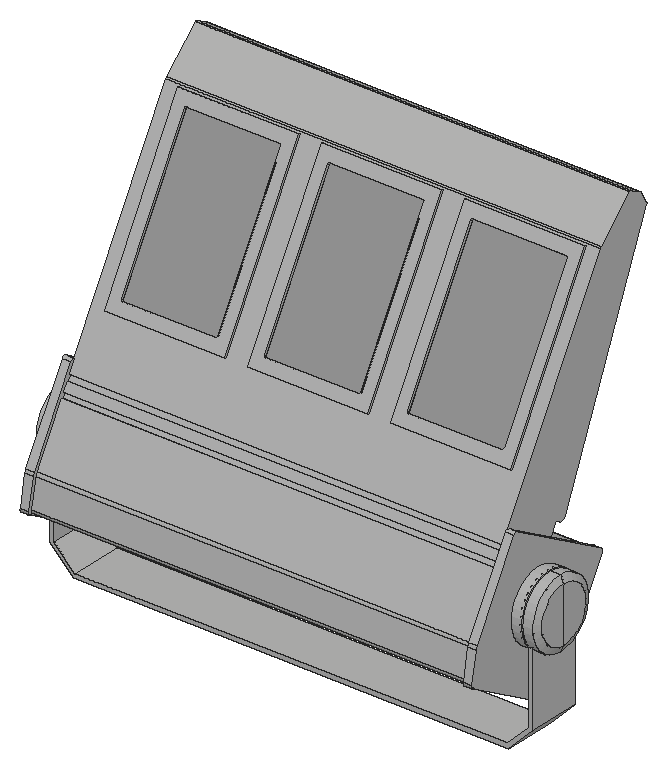
Revit family "0048018 Sylvania Lighting Fixture SYLVEO RGBW IP66", category Lighting Fixtures, host Face, Revit 2016
Family settings
  Host = Face
  Part Type = Normal
  Round Connector Dimension = Use Diameter
  OmniClass Number = 23.80.70.00
  OmniClass Title = Lighting
  Cut with Voids When Loaded = No
  Light Source = No
  Shared = No
  Room Calculation Point = No
Parameters (values of type "0048018 SYLVEO RGBW IP66 170W ASYM SIL")
  WidthCylinder_SYL = if([30/50W_SYL], 13.4 mm, if([100W_SYL], 13.4 mm, 15 mm))  # 15 mm
  WidthBracketIn_SYL = if([30/50W_SYL], 224 mm, if([100W_SYL], 273 mm, 434 mm))  # 434 mm
  Weight = "13.5 kg"
  Wattage Comments = ""
  WarrantyStartDate [instance] = "n/a"
  WarrantyGuarantorParts = "n/a"
  WarrantyDurationUnit = "n/a"
  WarrantyDurationParts = "n/a"
  WarrantyDescription = "n/a"
  Voltage = 0 V
  URL = "http://www.sylvania-lighting.com"
  TypeName = "Sylveo RGBW IP66 170W ASYM SIL"
  Type Image = <None>
  Type Comments = "n/a"
  ThicknessBracket_SYL = if([30/50W_SYL], 2.7 mm, if([100W_SYL], 3.2 mm, 3.8 mm))  # 3.8 mm
  SerialNumber [instance] = "n/a"
  RotationAngle_SYL [instance] = 30.00°
  DiameterCylinder_SYL = if([30/50W_SYL], 49 mm, if([100W_SYL], 52 mm, 62.7 mm))  # 62.7 mm
  ChamferBracket_SYL = if([30/50W_SYL], 15 mm, if([100W_SYL], 18 mm, 22 mm))  # 22 mm
  PowerFactor = 0
  PowerConsumption = "n/a"
  NominalLength = 0 mm
  NominalHeight = 0 mm
  NominalDepth = 0 mm
  Name = "Sylveo RGBW IP66 170W ASYM SIL"
  ModelReference = Name  # "Sylveo RGBW IP66 170W ASYM SIL"
  ModelNumber = "0048018"
  Model = Name  # "Sylveo RGBW IP66 170W ASYM SIL"
  Material = "n/a"
  ManufacturerName = "Feilo Sylvania"
  Manufacturer = "Feilo Sylvania"
  LuminousEfficacy = "48.750 lm/W"
  LuminaireType = ""
  LightOutputRatio = "n/a"
  LampsType = Lamp  # "LED"
  LampNominalLuminous = "n/a"
  LampMacAdamStep = "n/a"
  LampColourTemperature = "n/a"
  LampColourRenderingIndex = "n/a"
  Lamp = "LED"
  Keynote = "16500"
  InstallationDate [instance] = "n/a"
  InputVoltage = "100-240V~"
  InputNominalFrequency = "50/60 Hz"
  IngressProtection = "IP66"
  ImpactProtectionIndex = "IK08"
  IfcExportType = "IfcLightFixtureType"
  IfcExportAs = "IfcLightFixtureType"
  AxisHeightBracket_SYL = if([30/50W_SYL], 98.6 mm, if([100W_SYL], 90 mm, 110 mm))  # 110 mm
  ExpectedLife = 50000
  EndAngle_SYL [instance] = RotationAngle_SYL + 180.00°  # 210.00°
  ElectricShockClassification = "Class I"
  DurationUnit = "hours"
  DocumentationLiterature = "http://www.sylvania-lighting.com/product/en-int/products/0048018"
  DimmingControlOptions = "n/a"
  Description = ""
  DepthBracket_SYL = if([30/50W_SYL], 34 mm, if([100W_SYL], 37.1 mm, 48 mm))  # 48 mm
  Default Elevation = 1219.2 mm
  CreatedOn = "12/21/2018"
  CreatedBy = "@sylvania-lighting.com"
  Cost = 0
  built-in parameter 1114216 [instance] = (empty or 0)
  ClassificationValue = "EF_70_80"
  ClassificationName = "Uniclass2015"
  Material_1_SYL = Body-Sylvania-Sylveo-RAL9006
  BarCode [instance] = "n/a"
  AssetType = "Fixed"
  AssetIdentifier [instance] = "n/a"
  Assembly Code = "D5020200"
  Apparent Load = 169.9 VA
  100W_SYL = no
  30/50W_SYL = no
Reference planes
  plane 1 "Center (Front/Back)": y = 0
  plane 2: z = 0
  plane 3 "Center (Left/Right)": x = 0
  plane 4: x = -220.8
  plane 5: x = 220.8
  plane 6: z = 110
  plane 7: x = -217
  plane 8: x = 217
  plane 9: z = 3.8
  plane 10: y = 24
  plane 11: y = -24
  plane 12: x = -198.8
  plane 13: z = 22
  plane 14: x = 198.8
  plane 15: x = -215
  plane 16: x = 215
  plane 17: x = -230
  plane 18: x = 230
  plane 19: z = 141.35
  plane 20: z = 78.65
  plane 21: x = -227
  plane 22: z = 84.65
  plane 23: z = 135.35
  plane 24: x = 227
Forms (mm)
  Revolve 1, solid, not visible
    sketch origin (0, 0, 0) x (1, 0, 0) y (0, 0, 1)
      loop
        line (0, 110) -> (0, 127) -> (-12.336, 127) -> (-12.336, 110) -> (0, 110)
      axis (0, 110) -> (-12.336, 110)
    angle from 30 <- "RotationAngle_SYL" to 210 <- "EndAngle_SYL"
  Extrusion 2, solid, material "Body-Sylvania-Sylveo-RAL9006" <- "Material_1_SYL"
    sketch origin (0, 0, 0) x (1, 0, 0) y (0, 0, 1)
      loop
        line (-220.8, 110) -> (-220.8, 22) -> (-198.8, 0) -> (198.8, 0) -> (220.8, 22) -> (220.8, 110) -> (217, 110) -> (217, 23.118) -> (197.682, 3.8) -> (-197.682, 3.8) -> (-217, 23.118) -> (-217, 110) -> (-220.8, 110)
    from -24 to 24
  Revolve 3, solid, material "Body-Sylvania-Sylveo-RAL9006" <- "Material_1_SYL"
    sketch origin (0, 0, 0) x (1, 0, 0) y (0, 0, 1)
      loop
        line (-230, 110) -> (-215, 110) -> (-215, 141.35) -> (-227, 141.35) -> (-230, 135.35) -> (-230, 110)
      loop
        line (230, 110) -> (230, 135.35) -> (227, 141.35) -> (215, 141.35) -> (215, 110) -> (230, 110)
      axis (230, 110) -> (-230, 110)
    angle from 360 to 0
Lines and regions (mm)
  reference lines
    curve 1: line (-198.8, 0, 0) -> (-220.8, 0, 22)
    curve 2: line (-217, 0, 23.574) -> (-197.226, 0, 3.8)
    curve 3: line (220.8, 0, 22) -> (198.8, 0, 0)
    curve 4: line (197.226, 0, 3.8) -> (217, 0, 23.574)
Dimensions and locks
  equal spacing: plane 8, plane 3 "Center (Left/Right)", plane 7
  "WidthBracketIn_SYL": plane 8 to plane 7
  "ThicknessBracket_SYL": plane 7 to plane 4
  "ThicknessBracket_SYL": plane 5 to plane 8
  "ThicknessBracket_SYL": plane 9 to plane 2
  equal spacing: plane 11, plane 1 "Center (Front/Back)", plane 10
  "DepthBracket_SYL": plane 11 to plane 10
  "AxisHeightBracket_SYL": plane 6 to plane 2
  "ChamferBracket_SYL": plane 13 to plane 2
  equal spacing: plane 14, plane 3 "Center (Left/Right)", plane 12
  "ChamferBracket_SYL": plane 12 to plane 4
  "ThicknessBracket_SYL": curve 2 to curve 1
  "ThicknessBracket_SYL": curve 4 to curve 3
  equal spacing: plane 16, plane 3 "Center (Left/Right)", plane 15
  locked: plane 15 to plane 7 at 2
  equal spacing: plane 18, plane 3 "Center (Left/Right)", plane 17
  "WidthCylinder_SYL": plane 15 to plane 17
  equal spacing: plane 19, plane 6, plane 20
  "DiameterCylinder_SYL": plane 19 to plane 20
  equal spacing: plane 23, plane 6, plane 22
  locked: plane 22 to plane 20 at 6
  equal spacing: plane 24, plane 3 "Center (Left/Right)", plane 21
  locked: plane 21 to plane 17 at 3
  aligned and locked: plane 2 to host face
  aligned and locked: level to host face
  aligned and locked: Revolve 1 sketch curve to plane 6  (x2)
  aligned and locked: Revolve 1 sketch curve to plane 3 "Center (Left/Right)"
  aligned and locked: plane 13 to curve 1
  aligned and locked: plane 4 to curve 1
  aligned and locked: plane 2 to curve 1
  aligned and locked: plane 7 to curve 2
  aligned and locked: plane 9 to curve 2
  aligned and locked: plane 5 to curve 3
  aligned and locked: plane 13 to curve 3
  aligned and locked: plane 14 to curve 3
  aligned and locked: plane 2 to curve 3
  aligned and locked: plane 8 to curve 4
  aligned and locked: plane 9 to curve 4
  aligned and locked: plane 4 to Extrusion 2 sketch curve
  aligned and locked: Extrusion 2 sketch curve to plane 7
  aligned and locked: plane 6 to Extrusion 2 sketch curve  (x2)
  aligned and locked: plane 13 to Extrusion 2 sketch curve
  aligned and locked: plane 9 to Extrusion 2 sketch curve
  aligned and locked: plane 2 to Extrusion 2 sketch curve
  aligned and locked: plane 12 to Extrusion 2 sketch curve
  aligned and locked: Extrusion 2 sketch curve to curve 1
  aligned and locked: Extrusion 2 sketch curve to curve 3
  aligned and locked: plane 5 to Extrusion 2 sketch curve
  aligned and locked: plane 14 to Extrusion 2 sketch curve
  aligned and locked: Extrusion 2 sketch curve to plane 5
  aligned and locked: plane 8 to Extrusion 2 sketch curve
  aligned and locked: Extrusion 2 to plane 10
  aligned and locked: plane 11 to Extrusion 2
  aligned and locked: Revolve 3 sketch curve to plane 6  (x2)
  aligned and locked: plane 17 to Revolve 3 sketch curve  (x2)
  aligned and locked: plane 19 to Revolve 3 sketch curve  (x2)
  aligned and locked: Revolve 3 sketch curve to plane 15
  aligned and locked: plane 23 to Revolve 3 sketch curve  (x2)
  aligned and locked: plane 21 to Revolve 3 sketch curve
  aligned and locked: Revolve 3 sketch curve to plane 16
  aligned and locked: plane 18 to Revolve 3 sketch curve
  aligned and locked: plane 24 to Revolve 3 sketch curve
  aligned and locked: plane 6 to Revolve 3 sketch curve  (x2)
  aligned and locked: plane 3 "Center (Left/Right)" to nested 1
Automatic sketch dimensions
  host sketch curve to host sketch curve = 2438.4 mm  (x2)
  Revolve 1 sketch curve to plane 3 "Center (Left/Right)" = 12.336 mm
  Revolve 1 sketch curve to plane 4 = 1122.5 mm
  plane 5 to Revolve 1 sketch curve = 1130.9 mm
  Revolve 1 sketch curve to Revolve 1 sketch curve = 17 mm
  curve 1 to plane 12 = 0 mm
  plane 12 to Extrusion 2 sketch curve = 1.118 mm
  Extrusion 2 sketch curve to plane 14 = 1.118 mm
  Extrusion 2 sketch curve to plane 13 = 1.118 mm  (x2)
  Revolve 3 sketch curve to Revolve 3 sketch curve = 957 mm
  plane 18 to Revolve 3 sketch curve = 965.4 mm
Nested families
  nested 1: "0048018 Head" at (0, 0, 110) x (1, 0, 0) z (0, -0.866, 0.5), type "Type Name"
    with built-in parameter 1114216 (empty or 0)
Connectors
  electrical at (0, 0, 0), driven by "Apparent Load", driven by "PowerFactor", driven by "Voltage"
    settings: index 1, voltage 0 V, apparent load 169.9 VA, apparent load phase1 0 VA, apparent load phase2 0 VA, apparent load phase3 0 VA, power factor 0, load classification "Lighting", number of poles 1, system type 30, power factor state 1, is connector primary yes, connector utility no, sub classification motor no, connector description ""
Definition of nested family "0048018 Head"
  Parameters (values of type "Type Name")
    WidthScreen_SYL = 110 mm
    WidthBody_SYL = 413 mm
    Wattage Comments = "n/a"
    Wattage = 169.9 W
    built-in parameter 1150110 = 1 (stored number, unit not read)
    URL = "http://www.sylvania-lighting.com"
    Type Image = (empty or 0)
    Type Comments = "n/a"
    built-in parameter 1114217 = 1 (stored number, unit not read)
    Tilt Angle = -90.00°
    built-in parameter 1150109 = 1 (stored number, unit not read)
    built-in parameter 1150134 = 3
    built-in parameter 1150113 = 1 (stored number, unit not read)
    Photometric Web File = "0048018.ies"
    Material_3_SYL = none
    Model = ""
    Manufacturer = "Feilo Sylvania"
    built-in parameter 1150105 = 4511.5 (stored number, unit not read)
    Lumens = 8282.62 lm
    built-in parameter 1150115 = 1 (stored number, unit not read)
    built-in parameter 1150137 = (empty or 0)
    built-in parameter 1150139 = (empty or 0)
    built-in parameter 1150112 = 1 (stored number, unit not read)
    built-in parameter 1150114 = 1 (stored number, unit not read)
    Lamp = "LED"
    Keynote = "16500"
    Material_2_SYL = none
    built-in parameter 1150132 = (empty or 0)
    built-in parameter 1150102 = (empty or 0)
    built-in parameter 1150107 = 3200 (stored number, unit not read)
    built-in parameter 1150138 = (empty or 0)
    built-in parameter 1150106 = 45.115 (stored number, unit not read)
    Emit from Rectangle Width = 349.6 mm  # constant formula
    Emit from Rectangle Length = 147 mm  # constant formula
    Emit Shape Visible in Rendering = no
    built-in parameter 1150104 = 4.529 (stored number, unit not read)
    Dimming Lamp Color Temperature Shift = (empty or 0)
    Description = ""
    Default Elevation = 1219.2 mm
    Cost = 0
    Color Filter = 16777215
    built-in parameter 1114216 [instance] = (empty or 0)
    Material_1_SYL = none
    built-in parameter 1114218 = 1 (stored number, unit not read)
    built-in parameter 1150133 = 10 (stored number, unit not read)
    Assembly Code = "D5020200"
    Apparent Load = 169.9 VA
    Material_4_SYL = none
  Reference planes
    plane 1 "Center (Front/Back)": y = 0
    plane 2: z = 0
    plane 3 "Center (Left/Right)": x = 0
    plane 4: z = 55.7
    plane 5: y = -68.85
    plane 6: y = 305
    plane 7: y = -39.5
    plane 8: y = 48.5
    plane 9: y = 60.5
    plane 10: z = -57.4
    plane 11: z = 17.4
    plane 12: z = -9.5
    plane 13: z = -47.4
    plane 14: y = 260
    plane 15: z = 42
    plane 16: z = 28.9
    plane 17: x = 206.5
    plane 18: x = -206.5
    plane 19: y = 30
    plane 20: y = 40
    plane 21: y = -15
    plane 22: x = -55
    plane 23: x = 55
    plane 24: y = 88.3
    plane 25: x = -44
    plane 26: x = 44
    plane 27: y = 99.3
    plane 28: z = 57
    plane 29: y = 257.3
    plane 30: y = 246.3
    plane 31: z = 54.2
    plane 32: x = -217
    plane 33: x = 217
    plane 34: y = 298.253
    plane 35: x = 130.8
    plane 36: x = -130.8
    plane 37: x = 185.8
    plane 38: x = 75.8
    plane 39: x = -75.8
    plane 40: x = -185.8
    plane 41: x = -174.8
    plane 42: x = -86.8
    plane 43: x = 86.8
    plane 44: x = 174.8
    plane 45: x = -198.5
    plane 46: x = 198.5
    plane 47: z = 57.7
    plane 48: z = 47.7
    plane 49: y = 172.8
  Forms (mm)
    Extrusion 1, solid
      sketch origin (4.2, 0, 0) x (1, 0, 0) y (0, 1, 0)
        loop
          line (-1219.2, 1219.2) -> (-1219.2, -1219.2) -> (1219.2, -1219.2) -> (1219.2, 1219.2) -> (-1219.2, 1219.2)
      from 0 to -68.017
    Extrusion 2, solid, material <- "Material_1_SYL"
      sketch origin (0, 0, 0) x (0, 1, 0) y (0, 0, 1)
        loop
          line (259.256, 55.7) -> (-37.512, 55.7)
          arc (-37.512, 55.7) -> (-39.146, 55.566) -> (-40.737, 55.166) r 10
          line (-40.737, 55.166) -> (-64.818, 46.961)
          arc (-64.818, 46.961) -> (-66.29, 45.867) -> (-66.85, 44.121) r 3
          line (-66.85, 44.121) -> (-66.85, -43.821)
          arc (-66.85, -43.821) -> (-66.29, -45.567) -> (-64.818, -46.661) r 3
          line (-64.818, -46.661) -> (-42.305, -54.331)
          arc (-42.305, -54.331) -> (-39.124, -55.131) -> (-35.855, -55.4) r 20
          line (-35.855, -55.4) -> (44.5, -55.4)
          arc (44.5, -55.4) -> (45.914, -54.814) -> (46.5, -53.4) r 2
          line (46.5, -53.4) -> (46.5, 0) -> (60.5, 0) -> (60.5, -5.022)
          arc (60.5, -5.022) -> (61.835, -8.005) -> (64.95, -8.996) r 4
          line (64.95, -8.996) -> (296.628, 17.233)
          arc (296.628, 17.233) -> (297.913, 17.691) -> (298.863, 18.671) r 3
          line (298.863, 18.671) -> (304.715, 28.425)
          arc (304.715, 28.425) -> (304.927, 28.92) -> (305, 29.454) r 2
          line (305, 29.454) -> (305, 40.518)
          arc (305, 40.518) -> (304.607, 41.709) -> (303.582, 42.432) r 2
          line (303.582, 42.432) -> (260.712, 55.483)
          arc (260.712, 55.483) -> (259.992, 55.646) -> (259.256, 55.7) r 5
      from -198.5 to 198.5
    Extrusion 3, solid, material <- "Material_1_SYL"
      sketch origin (0, 1219.2, 55.7) x (1, 0, 0) y (0, -1, 0)
        loop
          line (-55, 961.9) -> (55, 961.9) -> (55, 1130.9) -> (-55, 1130.9) -> (-55, 961.9)
        loop
          line (-185.8, 961.9) -> (-75.8, 961.9) -> (-75.8, 1130.9) -> (-185.8, 1130.9) -> (-185.8, 961.9)
        loop
          line (75.8, 961.9) -> (185.8, 961.9) -> (185.8, 1130.9) -> (75.8, 1130.9) -> (75.8, 961.9)
      from 0 to -1.3
    Extrusion 4, void
      sketch origin (0, 1219.2, 57) x (0, -1, 0) y (1, 0, 0)
        loop
          arc (972.9, -42.4) -> (973.369, -43.531) -> (974.5, -44) r 1.6
          line (974.5, -44) -> (1118.3, -44)
          arc (1118.3, -44) -> (1119.431, -43.531) -> (1119.9, -42.4) r 1.6
          line (1119.9, -42.4) -> (1119.9, 42.4)
          arc (1119.9, 42.4) -> (1119.431, 43.531) -> (1118.3, 44) r 1.6
          line (1118.3, 44) -> (974.5, 44)
          arc (974.5, 44) -> (973.369, 43.531) -> (972.9, 42.4) r 1.6
          line (972.9, 42.4) -> (972.9, -42.4)
        loop
          arc (972.9, -173.2) -> (973.369, -174.331) -> (974.5, -174.8) r 1.6
          line (974.5, -174.8) -> (1118.3, -174.8)
          arc (1118.3, -174.8) -> (1119.431, -174.331) -> (1119.9, -173.2) r 1.6
          line (1119.9, -173.2) -> (1119.9, -88.4)
          arc (1119.9, -88.4) -> (1119.431, -87.269) -> (1118.3, -86.8) r 1.6
          line (1118.3, -86.8) -> (974.5, -86.8)
          arc (974.5, -86.8) -> (973.369, -87.269) -> (972.9, -88.4) r 1.6
          line (972.9, -88.4) -> (972.9, -173.2)
        loop
          arc (972.9, 88.4) -> (973.369, 87.269) -> (974.5, 86.8) r 1.6
          line (974.5, 86.8) -> (1118.3, 86.8)
          arc (1118.3, 86.8) -> (1119.431, 87.269) -> (1119.9, 88.4) r 1.6
          line (1119.9, 88.4) -> (1119.9, 173.2)
          arc (1119.9, 173.2) -> (1119.431, 174.331) -> (1118.3, 174.8) r 1.6
          line (1118.3, 174.8) -> (974.5, 174.8)
          arc (974.5, 174.8) -> (973.369, 174.331) -> (972.9, 173.2) r 1.6
          line (972.9, 173.2) -> (972.9, 88.4)
      from 0 to -11.3
    Extrusion 5, solid, material <- "Material_2_SYL"
      sketch origin (0, 1219.2, 55.7) x (1, 0, 0) y (0, -1, 0)
        loop
          line (-44, 1118.3) -> (-44, 974.5)
          arc (-44, 974.5) -> (-43.531, 973.369) -> (-42.4, 972.9) r 1.6
          line (-42.4, 972.9) -> (42.4, 972.9)
          arc (42.4, 972.9) -> (43.531, 973.369) -> (44, 974.5) r 1.6
          line (44, 974.5) -> (44, 1118.3)
          arc (44, 1118.3) -> (43.531, 1119.431) -> (42.4, 1119.9) r 1.6
          line (42.4, 1119.9) -> (-42.4, 1119.9)
          arc (-42.4, 1119.9) -> (-43.531, 1119.431) -> (-44, 1118.3) r 1.6
        loop
          line (-173.2, 972.9) -> (-88.4, 972.9)
          arc (-88.4, 972.9) -> (-87.269, 973.369) -> (-86.8, 974.5) r 1.6
          line (-86.8, 974.5) -> (-86.8, 1118.3)
          arc (-86.8, 1118.3) -> (-87.269, 1119.431) -> (-88.4, 1119.9) r 1.6
          line (-88.4, 1119.9) -> (-173.2, 1119.9)
          arc (-173.2, 1119.9) -> (-174.331, 1119.431) -> (-174.8, 1118.3) r 1.6
          line (-174.8, 1118.3) -> (-174.8, 974.5)
          arc (-174.8, 974.5) -> (-174.331, 973.369) -> (-173.2, 972.9) r 1.6
        loop
          line (88.4, 972.9) -> (173.2, 972.9)
          arc (173.2, 972.9) -> (174.331, 973.369) -> (174.8, 974.5) r 1.6
          line (174.8, 974.5) -> (174.8, 1118.3)
          arc (174.8, 1118.3) -> (174.331, 1119.431) -> (173.2, 1119.9) r 1.6
          line (173.2, 1119.9) -> (88.4, 1119.9)
          arc (88.4, 1119.9) -> (87.269, 1119.431) -> (86.8, 1118.3) r 1.6
          line (86.8, 1118.3) -> (86.8, 974.5)
          arc (86.8, 974.5) -> (87.269, 973.369) -> (88.4, 972.9) r 1.6
      from 0 to 1.5
    Extrusion 6, solid, material <- "Material_1_SYL"
      sketch origin (0, 0, 0) x (0, 1, 0) y (0, 0, 1)
        loop
          circle (0, 0) r 31.5
      from -217 to 217
    Extrusion 7, solid, material <- "Material_1_SYL"
      sketch origin (0, 0, 0) x (0, 1, 0) y (0, 0, 1)
        loop
          line (-41.068, 57.166) -> (-66.818, 48.392)
          arc (-66.818, 48.392) -> (-68.29, 47.299) -> (-68.85, 45.553) r 3
          line (-68.85, 45.553) -> (-68.85, -44.537)
          arc (-68.85, -44.537) -> (-68.103, -46.865) -> (-66.14, -48.323) r 4
          line (-66.14, -48.323) -> (-42.637, -56.331)
          arc (-42.637, -56.331) -> (-39.455, -57.131) -> (-36.186, -57.4) r 20
          line (-36.186, -57.4) -> (45.5, -57.4)
          arc (45.5, -57.4) -> (47.621, -56.521) -> (48.5, -54.4) r 3
          line (48.5, -54.4) -> (48.5, 54.7)
          arc (48.5, 54.7) -> (47.621, 56.821) -> (45.5, 57.7) r 3
          line (45.5, 57.7) -> (-37.843, 57.7)
          arc (-37.843, 57.7) -> (-39.478, 57.566) -> (-41.068, 57.166) r 10
      from -206.5 to -198.5
    Extrusion 8, solid, material <- "Material_1_SYL"
      sketch origin (0, 0, 0) x (0, 1, 0) y (0, 0, 1)
        loop
          line (-41.068, 57.166) -> (-66.818, 48.392)
          arc (-66.818, 48.392) -> (-68.29, 47.299) -> (-68.85, 45.553) r 3
          line (-68.85, 45.553) -> (-68.85, -44.537)
          arc (-68.85, -44.537) -> (-68.103, -46.865) -> (-66.14, -48.323) r 4
          line (-66.14, -48.323) -> (-42.637, -56.331)
          arc (-42.637, -56.331) -> (-39.455, -57.131) -> (-36.186, -57.4) r 20
          line (-36.186, -57.4) -> (45.5, -57.4)
          arc (45.5, -57.4) -> (47.621, -56.521) -> (48.5, -54.4) r 3
          line (48.5, -54.4) -> (48.5, 54.7)
          arc (48.5, 54.7) -> (47.621, 56.821) -> (45.5, 57.7) r 3
          line (45.5, 57.7) -> (-37.843, 57.7)
          arc (-37.843, 57.7) -> (-39.478, 57.566) -> (-41.068, 57.166) r 10
      from 198.5 to 206.5
    Extrusion 9, void
      sketch origin (0, 0, 0) x (0, 1, 0) y (0, 0, 1)
        loop
          line (23.5, 55.7) -> (18.5, 55.7) -> (18.5, 53.5) -> (23.5, 53.5) -> (23.5, 55.7)
        loop
          line (36.5, 55.7) -> (31.5, 55.7) -> (31.5, 53.5) -> (36.5, 53.5) -> (36.5, 55.7)
      from -198.5 to 198.5
  Cuts and joins
    Extrusion 4, Extrusion 9 cuts Extrusion 2
    Extrusion 9 cuts Extrusion 6
    Extrusion 9 cuts Extrusion 7
    Extrusion 9 cuts Extrusion 8
    joined: Extrusion 2, Extrusion 6, Extrusion 7, Extrusion 8
    Extrusion 4 cuts Extrusion 3
  Lines and regions (mm)
    reference lines
      curve 1: line (0, 31.5, 55.7) -> (0, 36.5, 55.7)
      curve 2: line (0, 31.5, 53.5) -> (0, 31.5, 55.7)
      curve 3: line (0, 36.5, 53.5) -> (0, 31.5, 53.5)
      curve 4: line (0, 36.5, 55.7) -> (0, 36.5, 53.5)
      curve 5: line (0, 18.5, 55.7) -> (0, 23.5, 55.7)
      curve 6: line (0, 18.5, 53.5) -> (0, 18.5, 55.7)
      curve 7: line (0, 23.5, 53.5) -> (0, 18.5, 53.5)
      curve 8: line (0, 23.5, 55.7) -> (0, 23.5, 53.5)
      curve 9: circle (0, 0, 0) r 31.5 normal (1, 0, 0)
  Dimensions and locks
    equal spacing: plane 18, plane 3 "Center (Left/Right)", plane 17
    "WidthBody_SYL": plane 18 to plane 17
    locked: curve 1 to curve 3 at 2.2
    locked: curve 4 to curve 2 at 5
    locked: curve 5 to curve 7 at 2.2
    locked: curve 8 to curve 6 at 5
    equal spacing: plane 22, plane 3 "Center (Left/Right)", plane 23
    "WidthScreen_SYL": plane 22 to plane 23
    locked: plane 24 to plane 29 at 169
    plane 24 to plane 27 = 11 mm
    plane 30 to plane 29 = 11 mm
    equal spacing: plane 25, plane 3 "Center (Left/Right)", plane 26
    locked: plane 22 to plane 25 at 11
    equal spacing: plane 32, plane 3 "Center (Left/Right)", plane 33
    locked: plane 32 to plane 18 at 10.5
    locked: plane 1 "Center (Front/Back)" to plane 24 at 88.3
    locked: plane 1 "Center (Front/Back)" to plane 14 at 260
    locked: plane 5 to plane 1 "Center (Front/Back)" at 68.85
    locked: plane 2 to plane 10 at 57.4
    locked: plane 2 to plane 13 at 47.4
    locked: plane 7 to plane 1 "Center (Front/Back)" at 39.5
    plane 1 "Center (Front/Back)" to plane 8 = 48.5 mm
    locked: plane 8 to plane 9 at 12
    locked: plane 2 to plane 12 at 9.5
    locked: plane 16 to plane 2 at 28.9
    locked: plane 31 to plane 4 at 1.5
    locked: plane 4 to plane 28 at 1.3
    locked: plane 4 to plane 2 at 55.7
    locked: plane 21 to plane 1 "Center (Front/Back)" at 15
    plane 1 "Center (Front/Back)" to plane 19 = 30 mm
    plane 19 to plane 20 = 10 mm
    locked: plane 1 "Center (Front/Back)" to plane 6 at 305
    plane 15 to plane 2 = 42 mm  (x2)
    locked: plane 11 to plane 2 at 17.4
    locked: plane 34 to plane 6 at 6.747
    plane 36 to plane 3 "Center (Left/Right)" to plane 35 = 130.8 mm locked, 130.8 mm locked
    equal spacing: plane 38, plane 35, plane 37
    "WidthScreen_SYL": plane 38 to plane 37
    equal spacing: plane 40, plane 36, plane 39
    "WidthScreen_SYL": plane 40 to plane 39
    equal spacing: plane 41, plane 36, plane 42
    equal spacing: plane 43, plane 35, plane 44
    locked: plane 38 to plane 43 at 11
    locked: plane 40 to plane 41 at 11
    equal spacing: plane 45, plane 3 "Center (Left/Right)", plane 46
    locked: plane 18 to plane 45 at 8
    locked: plane 4 to plane 47 at 2
    locked: plane 48 to plane 47 at 10
    locked: curve 8 to curve 2 at 8
    locked: plane 1 "Center (Front/Back)" to curve 6 at 18.5
    equal spacing: plane 27, plane 49, plane 30
    radius of Extrusion 4 sketch curve = 1.6 mm  (x4)
    radius of curve 9 = 31.5 mm
    aligned and locked: plane 2 to Extrusion 1
    aligned and locked: level to Extrusion 1
    aligned and locked: Extrusion 3 sketch curve to plane 29  (x3)
    aligned and locked: Extrusion 3 sketch curve to plane 22
    aligned and locked: plane 23 to Extrusion 3 sketch curve  (x2)
    aligned and locked: Extrusion 3 to plane 28
    aligned and locked: plane 4 to Extrusion 3
    aligned and locked: plane 30 to Extrusion 4 sketch curve  (x3)
    aligned and locked: plane 25 to Extrusion 4 sketch curve
    aligned and locked: Extrusion 4 sketch curve to plane 27  (x3)
    aligned and locked: Extrusion 4 sketch curve to plane 26
    aligned and locked: plane 24 to Extrusion 3 sketch curve  (x4)
    aligned and locked: Extrusion 5 sketch curve to cut or joined group of Extrusion 3, Extrusion 4  (x12)
    aligned and locked: plane 31 to Extrusion 5
    aligned and locked: Extrusion 5 to plane 4
    aligned and locked: plane 1 "Center (Front/Back)" to curve 9
    aligned and locked: plane 2 to curve 9
    aligned and locked: Extrusion 6 sketch curve to curve 9
    aligned and locked: plane 33 to Extrusion 6
    aligned and locked: Extrusion 6 to plane 32
    aligned and locked: plane 9 to Extrusion 2 sketch curve
    aligned and locked: Extrusion 2 sketch curve to plane 4
    aligned and locked: Extrusion 2 sketch curve to plane 6
    aligned and locked: Extrusion 3 sketch curve to plane 40
    aligned and locked: plane 39 to Extrusion 3 sketch curve
    aligned and locked: Extrusion 3 sketch curve to plane 38
    aligned and locked: plane 37 to Extrusion 3 sketch curve
    aligned and locked: plane 41 to Extrusion 4 sketch curve
    aligned and locked: Extrusion 4 sketch curve to plane 42
    aligned and locked: plane 43 to Extrusion 4 sketch curve
    aligned and locked: Extrusion 4 sketch curve to plane 44
    aligned and locked: Extrusion 7 to plane 18
    aligned and locked: Extrusion 2 sketch curve to level
    aligned and locked: plane 45 to Extrusion 7
    aligned and locked: Extrusion 2 to plane 45
    aligned and locked: Extrusion 7 to cut or joined group of Extrusion 2, Extrusion 4, Extrusion 6, Extrusion 7, Extrusion 8, Extrusion 9
    aligned and locked: plane 46 to Extrusion 2
    aligned and locked: plane 17 to Extrusion 8
    aligned and locked: Extrusion 8 to cut or joined group of Extrusion 2, Extrusion 4, Extrusion 6, Extrusion 7, Extrusion 8, Extrusion 9
    aligned and locked: plane 4 to curve 1
    aligned and locked: plane 4 to curve 5
    aligned and locked: Extrusion 9 sketch curve to curve 8
    aligned and locked: Extrusion 9 sketch curve to curve 7
    aligned and locked: Extrusion 9 sketch curve to curve 6
    aligned and locked: Extrusion 9 sketch curve to curve 5
    aligned and locked: Extrusion 9 sketch curve to curve 4
    aligned and locked: Extrusion 9 sketch curve to curve 3
    aligned and locked: Extrusion 9 sketch curve to curve 2
    aligned and locked: Extrusion 9 sketch curve to curve 1
    aligned and locked: Extrusion 2 to Extrusion 9  (x2)
    aligned and locked: Extrusion 9 to curve 5
    aligned and locked: imposter light to plane 28
    aligned and locked: plane 3 "Center (Left/Right)" to imposter light
    aligned and locked: plane 49 to imposter light
  Automatic sketch dimensions
    Extrusion 1 sketch curve to Extrusion 1 sketch curve = 2438.4 mm  (x2)
    plane 8 to Extrusion 2 sketch curve = 2 mm
    Extrusion 2 sketch curve to Extrusion 2 sketch curve = 2 mm
    Extrusion 2 sketch curve to plane 7 = 3.645 mm
    Extrusion 2 sketch curve to plane 7 = 1.988 mm
    plane 4 to Extrusion 2 sketch curve = 0.534 mm
    Extrusion 2 sketch curve to Extrusion 2 sketch curve = 3.225 mm
    plane 7 to Extrusion 2 sketch curve = 2.805 mm
    Extrusion 2 sketch curve to plane 5 = 5 mm  (x2)
    Extrusion 2 sketch curve to plane 15 = 2.121 mm
    Extrusion 2 sketch curve to plane 13 = 0.739 mm
    Extrusion 2 sketch curve to Extrusion 2 sketch curve = 0.968 mm  (x2)
    plane 48 to Extrusion 2 sketch curve = 0.739 mm
    Extrusion 2 sketch curve to Extrusion 2 sketch curve = 4 mm
    Extrusion 2 sketch curve to plane 12 = 0.504 mm
    Extrusion 2 sketch curve to Extrusion 2 sketch curve = 0.45 mm
    plane 14 to Extrusion 2 sketch curve = 0.744 mm
    plane 4 to Extrusion 2 sketch curve = 0.217 mm
    Extrusion 2 sketch curve to plane 14 = 0.712 mm
    plane 34 to Extrusion 2 sketch curve = 1.963 mm
    plane 11 to Extrusion 2 sketch curve = 0.167 mm
    plane 34 to Extrusion 2 sketch curve = 1.626 mm
    Extrusion 2 sketch curve to plane 34 = 0.609 mm
    Extrusion 2 sketch curve to plane 16 = 0.554 mm
    plane 6 to Extrusion 2 sketch curve = 2 mm  (x2)
    Extrusion 2 sketch curve to plane 15 = 0.432 mm
    plane 6 to Extrusion 2 sketch curve = 1.418 mm
    plane 6 to Extrusion 2 sketch curve = 0.285 mm
    Extrusion 2 sketch curve to plane 10 = 4 mm
    Extrusion 2 sketch curve to Extrusion 2 sketch curve = 1.069 mm
    Extrusion 2 sketch curve to plane 11 = 1.271 mm
    plane 30 to Extrusion 4 sketch curve = 0 mm
    Extrusion 4 sketch curve to Extrusion 4 sketch curve = 1.6 mm  (x3)
    plane 30 to Extrusion 4 sketch curve = 1.6 mm
    Extrusion 4 sketch curve to plane 27 = 1.6 mm  (x4)
    Extrusion 7 sketch curve to plane 5 = 0 mm
    plane 48 to Extrusion 7 sketch curve = 0 mm
    plane 47 to Extrusion 7 sketch curve = 0 mm
    plane 10 to Extrusion 7 sketch curve = 0 mm
    Extrusion 7 sketch curve to plane 8 = 0 mm
    Extrusion 7 sketch curve to plane 48 = 0.692 mm
    Extrusion 7 sketch curve to plane 5 = 2.032 mm
    plane 13 to Extrusion 7 sketch curve = 0.923 mm
    Extrusion 7 sketch curve to plane 5 = 2.71 mm
    plane 48 to Extrusion 7 sketch curve = 2.147 mm
    Extrusion 7 sketch curve to plane 13 = 2.863 mm
    Extrusion 7 sketch curve to plane 10 = 1.069 mm
    plane 7 to Extrusion 7 sketch curve = 3.137 mm
    Extrusion 7 sketch curve to plane 28 = 0.166 mm
    plane 7 to Extrusion 7 sketch curve = 1.568 mm
    Extrusion 7 sketch curve to plane 7 = 3.314 mm
    plane 8 to Extrusion 7 sketch curve = 3 mm  (x2)
    Extrusion 8 sketch curve to plane 5 = 0 mm
    plane 48 to Extrusion 8 sketch curve = 0 mm
    plane 47 to Extrusion 8 sketch curve = 0 mm
    plane 10 to Extrusion 8 sketch curve = 0 mm
    Extrusion 8 sketch curve to plane 8 = 0 mm
    Extrusion 8 sketch curve to plane 48 = 0.692 mm
    Extrusion 8 sketch curve to plane 5 = 2.032 mm
    plane 13 to Extrusion 8 sketch curve = 0.923 mm
    Extrusion 8 sketch curve to plane 5 = 2.71 mm
    plane 48 to Extrusion 8 sketch curve = 2.147 mm
    Extrusion 8 sketch curve to plane 13 = 2.863 mm
    Extrusion 8 sketch curve to plane 10 = 1.069 mm
    plane 7 to Extrusion 8 sketch curve = 3.137 mm
    Extrusion 8 sketch curve to plane 28 = 0.166 mm
    plane 7 to Extrusion 8 sketch curve = 1.568 mm
    Extrusion 8 sketch curve to Extrusion 8 sketch curve = 6.45 mm
    plane 8 to Extrusion 8 sketch curve = 3 mm
    Extrusion 8 sketch curve to plane 31 = 0.5 mm
